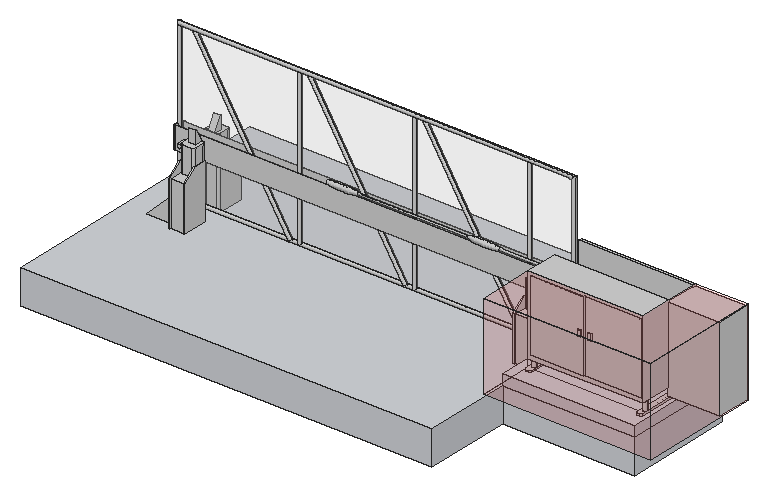
Revit family "Barrier_Gate-Assembly_AutoGate_Shield-M30-Shallow-Gated", category Generic Models, Revit 2015
Parameters (values of type "as Specified")
  lightcontrol [instance] = Clear Opening Width / 2  # 8' - 0"
  gateclear [instance] = 1' - 3"  # constant formula
  addwidthB = 0' - 0"  # constant formula
  addwidthA = 0' - 0"  # constant formula
  Warranty Duration (Years) = 0
  Warning Light Color [instance] = none
  Unit Width [instance] = Clear Opening Width + 1' 8" + 1' 9"  # 19' - 5"
  Unit Height [instance] = 8' - 0"
  Unit Depth = 0' - 4"
  URL = "http://autogate.com/"
  Standards Conformance = "ASTM F2656 M30/P1  ;  DOS K4/L3"
  Specification = "http://www.arcat.com/sdspecs/htm04/32_31_00saf.htm"
  SpecWizard = ""
  Space Below Gate [instance] = 0' - 3"
  Show Default Concrete Foundation [instance] = yes
  Show Clearance Box for Operator Maintenance [instance] = yes
  Shield Arm Color [instance] = Metal - Aluminum - Finish as Specified
  Send Message = ""
  Sales Information = "http://autogate.com/about-us/contact/"
  Revision = "R1_2016-11"
  Product Properties = ""
  Product Data = "http://www.arcat.com/arcatcos/cos48/arc48891.html"
  Model = "The Shield M30 Shallow Foundation with Gate Design as Specified"
  Maximum Clear Opening [instance] = 17' - 0"  # constant formula
  Mass Interior Design Shape Visible [instance] = yes
  Manufacturer Website = "http://autogate.com/"
  Manufacturer Phone - Toll Free = "800-944-4283"
  Manufacturer Phone = "419-588-2796"
  Manufacturer Fax = "419-588-3514"
  Manufacturer Address = "7306 Driver Rd.  P. O. Box 50  Berlin Heights, OH 44814"
  Manufacturer = "AutoGate, Inc"
  Maintenance Schedule (Months) = 0
  Lift Travel Speed = "7 - 14 seconds"
  Keynote = "32 21 00"
  Installation-Fabrication = ""
  Installation Phase = ""
  Include Warning Lights [instance] = yes
  Has Battery Backup = no
  Hardware Finish [instance] = Metal - Aluminum - Finish as Specified
  Green Building-LEED = ""
  Frame Finish [instance] = Metal - Aluminum - Finish as Specified
  Expected Lifespan (Years) = 0
  Electrical_Voltage = 115 V
  Drawn By = "Sumex Design, Inc. / Robert S. Weygant, CSI, CDT, SCIP"
  Description = "AutoGate M30 Anti-Ram Shallow Foundation Vertical Pivot Gate - The Shield with Gate Design as Specified"
  Default Elevation = 0' - 0"
  Cover Finish [instance] = Metal - Aluminum - Finish as Specified
  Copyright = "©Arcat Inc."
  Construction Details = "http://www.arcat.com/details/autogate/autogate.html?coid=48891"
  Clearance Material [instance] = ARCAT Clearance
  Clear Opening Width [instance] = 16' - 0"
  Bottom Rail Height [instance] = 0' - 2"  # constant formula
  Barrier Open [instance] = not(Barrier Closed)  # no
  Barrier Interior Material [instance] = Metal - Linked Aluminum - Finish as Specified
  Barrier Design [instance] = Barrier_Gate_AutoGate_Chainlink : Size as Specified
  Barrier Closed [instance] = yes
  Available Options [instance] = "as Specified"
  Assembly Code = "E1030900"
Reference planes (in)
  plane 1 "Center (Front/Back)": y = 0
  plane 2 "Bottom": z = 0
  plane 3 "Center (Left/Right)": x = 0
  plane 4: x = -96
  plane 5: x = 96
  plane 6: z = 15
  plane 7: x = 114
  plane 8: z = 36
  plane 9: z = 228
  plane 10: z = 248
  plane 11: z = 131.5
Forms (in)
  Extrusion 1, solid, visible <- "Show Default Concrete Foundation"
    sketch origin (0, 0, 0) x (1, 0, 0) y (0, 1, 0)
      loop
        line (105.5, -92) -> (105.5, -40) -> (182.75, -40) -> (182.75, 24) -> (105.5, 24) -> (105.5, 76) -> (-135.25, 76) -> (-135.25, -92) -> (105.5, -92)
    from 0 to -20
  Extrusion 2, solid, visible <- "Show Default Concrete Foundation"
    sketch origin (0, 0, 0) x (1, 0, 0) y (0, 1, 0)
      loop
        line (105.5, 24) -> (105.5, -40) -> (182.75, -40) -> (182.75, 24) -> (105.5, 24)
    from 0 to 6
  Extrusion 3, solid, material "Metal - Aluminum - Finish as Specified" <- "Hardware Finish"
    sketch origin (0, 0, 0) x (1, 0, 0) y (0, 1, 0)
      loop
        line (-98, -5) -> (-103.5, -5)
        arc (-103.5, -5) -> (-104.38388, -5.36612) -> (-104.75, -6.25) r 1.25
        line (-104.75, -6.25) -> (-104.75, -11.75)
        arc (-104.75, -11.75) -> (-104.38388, -12.63388) -> (-103.5, -13) r 1.25
        line (-103.5, -13) -> (-98, -13)
        arc (-98, -13) -> (-97.11612, -12.63388) -> (-96.75, -11.75) r 1.25
        line (-96.75, -11.75) -> (-96.75, -6.25)
        arc (-96.75, -6.25) -> (-97.11612, -5.36612) -> (-98, -5) r 1.25
      loop
        arc (-98, 5) -> (-97.11612, 5.36612) -> (-96.75, 6.25) r 1.25
        line (-96.75, 6.25) -> (-96.75, 11.75)
        arc (-96.75, 11.75) -> (-97.11612, 12.63388) -> (-98, 13) r 1.25
        line (-98, 13) -> (-103.5, 13)
        arc (-103.5, 13) -> (-104.38388, 12.63388) -> (-104.75, 11.75) r 1.25
        line (-104.75, 11.75) -> (-104.75, 6.25)
        arc (-104.75, 6.25) -> (-104.38388, 5.36612) -> (-103.5, 5) r 1.25
        line (-103.5, 5) -> (-98, 5)
      loop
        arc (98, -5) -> (97.11612, -5.36612) -> (96.75, -6.25) r 1.25
        line (96.75, -6.25) -> (96.75, -11.75)
        arc (96.75, -11.75) -> (97.11612, -12.63388) -> (98, -13) r 1.25
        line (98, -13) -> (103.5, -13)
        arc (103.5, -13) -> (104.38388, -12.63388) -> (104.75, -11.75) r 1.25
        line (104.75, -11.75) -> (104.75, -6.25)
        arc (104.75, -6.25) -> (104.38388, -5.36612) -> (103.5, -5) r 1.25
        line (103.5, -5) -> (98, -5)
      loop
        line (98, 5) -> (103.5, 5)
        arc (103.5, 5) -> (104.38388, 5.36612) -> (104.75, 6.25) r 1.25
        line (104.75, 6.25) -> (104.75, 11.75)
        arc (104.75, 11.75) -> (104.38388, 12.63388) -> (103.5, 13) r 1.25
        line (103.5, 13) -> (98, 13)
        arc (98, 13) -> (97.11612, 12.63388) -> (96.75, 11.75) r 1.25
        line (96.75, 11.75) -> (96.75, 6.25)
        arc (96.75, 6.25) -> (97.11612, 5.36612) -> (98, 5) r 1.25
    from 0 to 41
  Extrusion 4, solid, material "Metal - Aluminum - Finish as Specified" <- "Shield Arm Color", visible <- "Barrier Closed"
    sketch origin (0, 0, 0) x (1, 0, 0) y (0, 0, 1)
      loop
        line (-116, 42.5) -> (-116, 29.5) -> (118, 29.5) -> (118, 42.5) -> (-116, 42.5)
    from 2.5574 to 2.77886
  Extrusion 5, solid, material "Metal - Aluminum - Finish as Specified" <- "Shield Arm Color", visible <- "Barrier Closed"
    sketch origin (0, 0, 0) x (1, 0, 0) y (0, 0, -1)
      loop
        line (-116, -42.5) -> (118, -42.5) -> (118, -29.5) -> (-116, -29.5) -> (-116, -42.5)
    from 2.5574 to 2.77886
  Extrusion 6, solid, material "Metal - Aluminum - Finish as Specified" <- "Shield Arm Color", visible <- "Barrier Open"
    sketch origin (127.5, 0, 141.5) x (0, 0, -1) y (1, 0, 0)
      loop
        line (-106.75, 23.5) -> (-106.75, 9) -> (105.5, 9) -> (105.5, 23.5) -> (-106.75, 23.5)
    from 2.5574 to 2.77886
  Extrusion 7, solid, material "Metal - Aluminum - Finish as Specified" <- "Shield Arm Color", visible <- "Barrier Open"
    sketch origin (127.5, 0, 141.5) x (0, 0, -1) y (-1, 0, 0)
      loop
        line (-106.75, -23.5) -> (105.5, -23.5) -> (105.5, -9) -> (-106.75, -9) -> (-106.75, -23.5)
    from 2.5574 to 2.77886
  Extrusion 8, solid, material "Metal - Aluminum - Finish as Specified" <- "Shield Arm Color", visible <- "Barrier Closed"
    sketch origin (0, 0, 0) x (1, 0, 0) y (0, 0, 1)
      loop
        line (-117, 42.5) -> (-117, 29.5) -> (-116, 29.5) -> (-116, 42.5) -> (-117, 42.5)
    from -2.77886 to 2.77886
  Extrusion 9, solid, material "Metal - Aluminum - Finish as Specified" <- "Shield Arm Color", visible <- "Barrier Open"
    sketch origin (0, 0, 0) x (1, 0, 0) y (0, 0, 1)
      loop
        line (136.5, 248.25) -> (151, 248.25) -> (151, 249.25) -> (136.5, 249.25) -> (136.5, 248.25)
    from -2.77886 to 2.77886
  Extrusion 10, solid, material "Metal - Aluminum - Finish as Specified" <- "Hardware Finish"
    sketch origin (-96, -180, 63.31719) x (0, 0, 1) y (0, -1, 0)
      loop
        line (-22.31719, -175) -> (-14.81719, -171) -> (-22.31719, -171) -> (-22.31719, -175)
      loop
        line (-22.31719, -185) -> (-22.31719, -189) -> (-14.81719, -189) -> (-22.31719, -185)
    from -6.75 to -2.75
  Extrusion 11, solid, material "Metal - Aluminum - Finish as Specified" <- "Hardware Finish"
    sketch origin (-96, -180, 63.31719) x (0, 0, 1) y (0, -1, 0)
      loop
        line (-63.31719, -174) -> (-31.31719, -174) -> (-31.31719, -167) -> (-37.31719, -159.5) -> (-63.31719, -159.5) -> (-63.31719, -174)
    from 0 to -0.75
  Extrusion 12, solid, material "Metal - Aluminum - Finish as Specified" <- "Hardware Finish"
    sketch origin (-96, -180, 63.31719) x (0, 0, 1) y (0, -1, 0)
      loop
        line (-63.31719, -174) -> (-31.31719, -174) -> (-31.31719, -167) -> (-37.31719, -159.5) -> (-63.31719, -159.5) -> (-63.31719, -174)
    from -9.5 to -8.75
  Extrusion 13, solid, material "Metal - Aluminum - Finish as Specified" <- "Hardware Finish"
    sketch origin (-96, 180, 63.31719) x (0, 0, 1) y (0, -1, 0)
      loop
        line (-63.31719, 174) -> (-63.31719, 159.5) -> (-37.31719, 159.5) -> (-31.31719, 167) -> (-31.31719, 174) -> (-63.31719, 174)
    from 0 to -0.75
  Extrusion 14, solid, material "Metal - Aluminum - Finish as Specified" <- "Hardware Finish"
    sketch origin (-96, 180, 63.31719) x (0, 0, 1) y (0, -1, 0)
      loop
        line (-63.31719, 174) -> (-63.31719, 159.5) -> (-37.31719, 159.5) -> (-31.31719, 167) -> (-31.31719, 174) -> (-63.31719, 174)
    from -9.5 to -8.75
  Extrusion 15, solid, material "Metal - Aluminum - Finish as Specified" <- "Hardware Finish"
    sketch origin (0, 0, 0) x (1, 0, 0) y (0, 1, 0)
      loop
        line (-104.75, -11.75) -> (-104.75, -20.25) -> (-96.75, -20.25) -> (-96.75, -11.75) -> (-104.75, -11.75)
      loop
        line (-104.75, 11.75) -> (-96.75, 11.75) -> (-96.75, 20.25) -> (-104.75, 20.25) -> (-104.75, 11.75)
      loop
        line (104.75, -11.75) -> (96.75, -11.75) -> (96.75, -20.25) -> (104.75, -20.25) -> (104.75, -11.75)
      loop
        line (104.75, 11.75) -> (104.75, 20.25) -> (96.75, 20.25) -> (96.75, 11.75) -> (104.75, 11.75)
    from 0 to 25.96348
  Extrusion 16, solid, material "Metal - Aluminum - Finish as Specified" <- "Hardware Finish"
    sketch origin (96, -180, 63.31719) x (0, 0, 1) y (0, -1, 0)
      loop
        line (-63.31719, -174) -> (-31.31719, -174) -> (-31.31719, -167) -> (-37.31719, -159.5) -> (-63.31719, -159.5) -> (-63.31719, -174)
    from 0 to 0.75
  Extrusion 17, solid, material "Metal - Aluminum - Finish as Specified" <- "Hardware Finish"
    sketch origin (96, -180, 63.31719) x (0, 0, 1) y (0, -1, 0)
      loop
        line (-63.31719, -174) -> (-31.31719, -174) -> (-31.31719, -167) -> (-37.31719, -159.5) -> (-63.31719, -159.5) -> (-63.31719, -174)
    from 9.5 to 8.75
  Extrusion 18, solid, material "Metal - Aluminum - Finish as Specified" <- "Hardware Finish"
    sketch origin (96, -180, 63.31719) x (0, 0, 1) y (0, -1, 0)
      loop
        line (-63.31719, -186) -> (-63.31719, -200.5) -> (-37.31719, -200.5) -> (-31.31719, -193) -> (-31.31719, -186) -> (-63.31719, -186)
    from 0 to 0.75
  Extrusion 19, solid, material "Metal - Aluminum - Finish as Specified" <- "Hardware Finish"
    sketch origin (96, -180, 63.31719) x (0, 0, 1) y (0, -1, 0)
      loop
        line (-63.31719, -186) -> (-63.31719, -200.5) -> (-37.31719, -200.5) -> (-31.31719, -193) -> (-31.31719, -186) -> (-63.31719, -186)
    from 9.5 to 8.75
  Extrusion 20, solid, material "Metal - Aluminum - Finish as Specified" <- "Hardware Finish"
    sketch origin (0, 0, 0) x (1, 0, 0) y (0, 0, 1)
      loop
        line (-105.5, 0) -> (-105.5, 16.25) -> (-121.75, 0) -> (-105.5, 0)
      loop
        line (105.5, 0) -> (121.75, 0) -> (105.5, 16.25) -> (105.5, 0)
    from -16.5 to -16
  Extrusion 21, solid, material "Metal - Aluminum - Finish as Specified" <- "Hardware Finish"
    sketch origin (0, 0, 0) x (1, 0, 0) y (0, 0, -1)
      loop
        line (-105.5, 0) -> (-121.75, 0) -> (-105.5, -16.25) -> (-105.5, 0)
      loop
        line (105.5, 0) -> (105.5, -9) -> (114.5, 0) -> (105.5, 0)
    from -16.5 to -16
  Extrusion 22, solid, material "Metal - Aluminum - Finish as Specified" <- "Shield Arm Color"
    sketch origin (0, 0, 0) x (1, 0, 0) y (0, 0, 1)
      loop
        circle (-109.67377, 35.8693) r 1.25
      loop
        circle (106.57623, 35.8693) r 1.25
    from -7.49896 to 7.5
Cuts and joins
  joined: Extrusion 3, Extrusion 11, Extrusion 12, Extrusion 13, Extrusion 14, Extrusion 15, Extrusion 16, Extrusion 17, Extrusion 18, Extrusion 19, Extrusion 20, Extrusion 21
Lines and regions (in)
  reference lines
    curve 1: line (114, 0, 15) -> (114, 0, 24.25)
Dimensions and locks (in)
  equal spacing: plane 5, plane 3 "Center (Left/Right)", plane 4
  "Clear Opening Width": plane 5 to plane 4
  plane 7 to plane 5 = 1' - 6"
  locked: plane 6 to level at 15
  locked: plane 8 to plane 6 at 21
  "Clear Opening Width": plane 9 to plane 8
  plane 5 to Extrusion 2 sketch curve to Extrusion 2 sketch curve = 0' - 9 1/2" locked, 6' - 5 1/4" locked
  locked: plane 4 to Extrusion 4 sketch curve at 20
  locked: plane 4 to Extrusion 5 sketch curve at 20
  locked: Extrusion 4 sketch curve to plane 5 at 22
  locked: Extrusion 5 sketch curve to plane 5 at 22
  locked: Extrusion 4 sketch curve to level at 29.5
  locked: Extrusion 4 sketch curve to Extrusion 4 sketch curve at 13
  Extrusion 5 sketch curve to Extrusion 5 sketch curve to level = 1' - 1" locked, 2' - 5 1/2" locked
  locked: Extrusion 6 sketch curve to plane 9 at 20.25
  locked: Extrusion 7 sketch curve to plane 9 at 20.25
  plane 4 to Extrusion 8 sketch curve to Extrusion 8 sketch curve = 1' - 8" locked, 0' - 1" locked
  Extrusion 8 sketch curve to Extrusion 8 sketch curve to plane 2 "Bottom" = 1' - 1" locked, 2' - 5 1/2" locked
  Extrusion 9 sketch curve to Extrusion 9 sketch curve to nested 3 = 1' - 2 1/2" locked, 2' - 4 1/2" locked
  Extrusion 9 sketch curve to Extrusion 9 sketch curve to plane 9 = 0' - 1" locked, 1' - 8 1/4" locked
  Extrusion 6 sketch curve to Extrusion 6 sketch curve to plane 5 = 1' - 2 1/2" locked, 3' - 4 1/2" locked
  Extrusion 7 sketch curve to Extrusion 7 sketch curve to plane 5 = 1' - 2 1/2" locked, 3' - 4 1/2" locked
  Extrusion 11 sketch curve to Extrusion 11 sketch curve to plane 2 "Bottom" to Extrusion 11 sketch curve = 0' - 6" locked, 2' - 2" locked, 0' - 0" locked
  Extrusion 12 sketch curve to Extrusion 12 sketch curve to plane 2 "Bottom" to Extrusion 12 sketch curve = 0' - 6" locked, 2' - 2" locked, 0' - 0" locked
  Extrusion 13 sketch curve to Extrusion 13 sketch curve to plane 2 "Bottom" to Extrusion 13 sketch curve = 0' - 6" locked, 2' - 2" locked, 0' - 0" locked
  Extrusion 14 sketch curve to Extrusion 14 sketch curve to plane 2 "Bottom" to Extrusion 14 sketch curve = 0' - 6" locked, 2' - 2" locked, 0' - 0" locked
  Extrusion 3 sketch curve to Extrusion 3 sketch curve to plane 1 "Center (Front/Back)" to Extrusion 3 sketch curve to Extrusion 3 sketch curve = 0' - 8" locked, 0' - 5" locked, 0' - 5" locked, 0' - 8" locked  (x2)
  Extrusion 16 sketch curve to Extrusion 16 sketch curve to Extrusion 16 sketch curve = 0' - 6" locked, 2' - 2"
  Extrusion 17 sketch curve to Extrusion 17 sketch curve to Extrusion 17 sketch curve = 0' - 6" locked, 2' - 2"
  Extrusion 18 sketch curve to Extrusion 18 sketch curve to Extrusion 18 sketch curve = 0' - 6" locked, 2' - 2"
  Extrusion 19 sketch curve to Extrusion 19 sketch curve to Extrusion 19 sketch curve = 0' - 6" locked, 2' - 2"
  locked: plane 2 "Bottom" to Extrusion 17 sketch curve at 0
  locked: plane 2 "Bottom" to Extrusion 16 sketch curve at 0
  locked: plane 2 "Bottom" to Extrusion 19 sketch curve at 0
  locked: plane 2 "Bottom" to Extrusion 18 sketch curve at 0
  locked: Extrusion 1 sketch curve to plane 4 at 39.25
  Extrusion 1 sketch curve to plane 1 "Center (Front/Back)" to Extrusion 1 sketch curve = 7' - 8" locked, 6' - 4" locked
  locked: plane 5 to Extrusion 1 sketch curve at 86.75
  locked: plane 5 to Extrusion 1 sketch curve at 9.5  (x2)
  Extrusion 1 sketch curve to plane 1 "Center (Front/Back)" to Extrusion 1 sketch curve = 3' - 4" locked, 2' - 0" locked
  plane 4 to Extrusion 20 sketch curve to Extrusion 20 sketch curve = 0' - 9 1/2" locked, 1' - 4 1/4" locked
  Extrusion 20 sketch curve to Extrusion 20 sketch curve to plane 5 = 1' - 4 1/4" locked, 0' - 9 1/2" locked
  locked: Extrusion 21 sketch curve to Extrusion 21 sketch curve at 16.25
  locked: Extrusion 21 sketch curve to Extrusion 21 sketch curve at 9
  locked: nested 3 to plane 5 at 12
  equal spacing: plane 10, plane 11, plane 6
  "Unit Width": plane 10 to plane 6
  aligned and locked: plane 7 to curve 1
  aligned and locked: plane 6 to curve 1
  aligned and locked: plane 8 to Extrusion 6 sketch curve
  aligned and locked: Extrusion 7 sketch curve to plane 8
  aligned and locked: plane 5 to nested 1
  aligned and locked: plane 3 "Center (Left/Right)" to nested 2
  aligned and locked: nested 3 to plane 11
Automatic sketch dimensions
  curve 1 to curve 1 = 0' - 9 1/4"
  plane 1 "Center (Front/Back)" to Extrusion 2 sketch curve = 3' - 4"
  Extrusion 2 sketch curve to plane 1 "Center (Front/Back)" = 2' - 0"
  Extrusion 3 sketch curve to plane 4 = 0' - 8 3/4"  (x2)
  Extrusion 3 sketch curve to Extrusion 3 sketch curve = 0' - 1 1/4"  (x10)
  Extrusion 3 sketch curve to plane 4 = 0' - 2"  (x4)
  Extrusion 3 sketch curve to plane 4 = 0' - 0 3/4"  (x2)
  plane 5 to Extrusion 3 sketch curve = 0' - 0 3/4"  (x2)
  Extrusion 3 sketch curve to Extrusion 3 sketch curve = 0' - 5 1/2"  (x2)
  Extrusion 3 sketch curve to Extrusion 3 sketch curve = 0' - 0"  (x2)
  plane 1 "Center (Front/Back)" to Extrusion 11 sketch curve = 0' - 6"
  Extrusion 11 sketch curve to Extrusion 11 sketch curve = 0' - 7"
  Extrusion 11 sketch curve to Extrusion 11 sketch curve = 1' - 2 1/2"
  plane 1 "Center (Front/Back)" to Extrusion 12 sketch curve = 0' - 6"
  Extrusion 12 sketch curve to Extrusion 12 sketch curve = 0' - 7"
  Extrusion 12 sketch curve to Extrusion 12 sketch curve = 1' - 2 1/2"
  Extrusion 13 sketch curve to plane 1 "Center (Front/Back)" = 1' - 8 1/2"
  Extrusion 13 sketch curve to Extrusion 13 sketch curve = 0' - 7 1/2"
  Extrusion 13 sketch curve to plane 1 "Center (Front/Back)" = 0' - 6"
  Extrusion 14 sketch curve to plane 1 "Center (Front/Back)" = 1' - 8 1/2"
  Extrusion 14 sketch curve to Extrusion 14 sketch curve = 0' - 7 1/2"
  Extrusion 14 sketch curve to plane 1 "Center (Front/Back)" = 0' - 6"
  Extrusion 15 sketch curve to plane 4 = 0' - 8 3/4"  (x2)
  Extrusion 15 sketch curve to plane 4 = 0' - 0 3/4"  (x2)
  plane 5 to Extrusion 15 sketch curve = 0' - 0 3/4"  (x2)
  Extrusion 15 sketch curve to Extrusion 15 sketch curve = 0' - 8"  (x2)
  plane 1 "Center (Front/Back)" to Extrusion 15 sketch curve = 1' - 8 1/4"  (x2)
  Extrusion 15 sketch curve to Extrusion 15 sketch curve = 0' - 8 1/2"  (x4)
  Extrusion 15 sketch curve to plane 1 "Center (Front/Back)" = 0' - 11 3/4"  (x2)
  plane 1 "Center (Front/Back)" to Extrusion 16 sketch curve = 0' - 6"
  Extrusion 16 sketch curve to Extrusion 16 sketch curve = 0' - 7"
  Extrusion 16 sketch curve to Extrusion 16 sketch curve = 1' - 2 1/2"
  plane 1 "Center (Front/Back)" to Extrusion 17 sketch curve = 0' - 6"
  Extrusion 17 sketch curve to Extrusion 17 sketch curve = 0' - 7"
  Extrusion 17 sketch curve to Extrusion 17 sketch curve = 1' - 2 1/2"
  Extrusion 18 sketch curve to plane 1 "Center (Front/Back)" = 1' - 8 1/2"
  Extrusion 18 sketch curve to Extrusion 18 sketch curve = 0' - 7 1/2"
  Extrusion 18 sketch curve to plane 1 "Center (Front/Back)" = 0' - 6"
  Extrusion 19 sketch curve to plane 1 "Center (Front/Back)" = 1' - 8 1/2"
  Extrusion 19 sketch curve to Extrusion 19 sketch curve = 0' - 7 1/2"
  Extrusion 19 sketch curve to plane 1 "Center (Front/Back)" = 0' - 6"
  Extrusion 20 sketch curve to level = 0' - 0"  (x2)
  plane 6 to Extrusion 20 sketch curve = 0' - 1 1/4"  (x2)
  Extrusion 21 sketch curve to level = 0' - 0"  (x2)
  Extrusion 21 sketch curve to plane 4 = 2' - 1 3/4"
  Extrusion 21 sketch curve to plane 7 = 0' - 8 1/2"
  Extrusion 21 sketch curve to plane 6 = 0' - 6"
  plane 6 to Extrusion 21 sketch curve = 0' - 1 1/4"
  Extrusion 22 sketch curve to plane 8 = 0' - 0.1307"  (x2)
  Extrusion 22 sketch curve to plane 4 = 1' - 1.67377"
  Extrusion 22 sketch curve to plane 7 = 0' - 7.42377"
  plane 8 to Extrusion 10 sketch curve = 0' - 5"  (x2)
  Extrusion 10 sketch curve to Extrusion 10 sketch curve = 0' - 7 1/2"  (x2)
  Extrusion 10 sketch curve to Extrusion 10 sketch curve = 0' - 4"  (x2)
  plane 1 "Center (Front/Back)" to Extrusion 10 sketch curve = 0' - 5"
  Extrusion 10 sketch curve to plane 1 "Center (Front/Back)" = 0' - 5"
  radius of Extrusion 22 sketch curve = 0' - 1 1/4"  (x2)
Nested families (in)
  nested 1: "Barrier_Gate-Operator_AutoGate_Pivot" at (177, 0, 6), Clearance Box Material <- "Clearance Material", Frame Finish <- "Cover Finish", Space Below Gate <- "Space Below Gate", Clearance Box for Maintenance <- "Show Clearance Box for Operator Maintenance", Closed <- "Barrier Closed", Open <- "Barrier Open", Clear Location <- "gateclear", Warning Light <- "Include Warning Lights", lightcontrol <- "lightcontrol", Gate Height <- "Unit Height", Warning Light Color <- "Warning Light Color", type "as Specified"
    with warningopen no, warningclosed yes, lightcontrol 8' - 0", Warning Light Color none, Warning Light yes, Space Below Gate 0' - 3", Open no, Guard Depth 2' - 6 5/8", Gate Height 8' - 0", Frame Finish Metal - Aluminum - Finish as Specified, Closed yes, Clearance Box for Maintenance yes, Clearance Box Material ARCAT Clearance, Clear Location 1' - 3", ArmOnly no, Unit Width 19' - 5"
  nested 2: "Barrier_Gate_AutoGate_Chainlink" at (0, 0, 0), Interior Finish <- "Barrier Interior Material", Frame Finish <- "Frame Finish", Unit Width <- "Unit Width", Unit Height <- "Unit Height", Mass Interior Design Shape Visible <- "Mass Interior Design Shape Visible", type <- "Barrier Design", visible <- "Barrier Closed", Additional Barrier Width_Operator Side <- "addwidthA", Additional Barrier Width_Non Operator Side <- "addwidthB", type "Size as Specified"
    with designwidths 5' - 7.33333", designheights 7' - 10 1/2", Unit Width 19' - 5", Unit Height 8' - 0", Space Below Gate 0' - 3", Mass Interior Design Shape Visible yes, Interior Finish Metal - Linked Aluminum - Finish as Specified, Frame Finish Metal - Aluminum - Finish as Specified, Bottom Rail Height 0' - 2", Adjust Diagonal UpDown 0' - 0", Adjust Diagonal Left Right 0' - 6", Additional Barrier Width_Operator Side 0' - 0", Additional Barrier Width_Non Operator Side 0' - 0"
  nested 3: "Barrier_Gate_AutoGate_Chainlink" at (108, 0, 131.5) x (0, 0, -1) z (1, 0, 0), Interior Finish <- "Barrier Interior Material", Frame Finish <- "Frame Finish", Unit Width <- "Unit Width", Unit Height <- "Unit Height", Mass Interior Design Shape Visible <- "Mass Interior Design Shape Visible", type <- "Barrier Design", visible <- "Barrier Open", Additional Barrier Width_Operator Side <- "addwidthA", Additional Barrier Width_Non Operator Side <- "addwidthB", type "Size as Specified"
    with designwidths 5' - 7.33333", designheights 7' - 10 1/2", Unit Width 19' - 5", Unit Height 8' - 0", Space Below Gate 0' - 3", Mass Interior Design Shape Visible yes, Interior Finish Metal - Linked Aluminum - Finish as Specified, Frame Finish Metal - Aluminum - Finish as Specified, Bottom Rail Height 0' - 2", Adjust Diagonal UpDown 0' - 0", Adjust Diagonal Left Right 0' - 6", Additional Barrier Width_Operator Side 0' - 0", Additional Barrier Width_Non Operator Side 0' - 0"
Connectors (in)
  electrical at (183.51817, 10, 31.5), driven by "Electrical_Voltage"
    settings: on nested 1, index 1, voltage 115 V, apparent load 0 VA, apparent load phase1 0 VA, apparent load phase2 0 VA, apparent load phase3 0 VA, power factor 1, load classification "Other", number of poles 1, system type 31, power factor state 1, is connector primary yes, connector utility no, sub classification motor no, connector description ""
Definition of nested family "Barrier_Gate-Operator_AutoGate_Pivot"
  Parameters
    warningopen [instance] = and(Warning Light, Open)  # yes
    warningclosed [instance] = and(Warning Light, Closed)  # yes
    lightcontrol [instance] = 1' - 11.71607"
    Warranty Duration (Years) = 0
    Warning Light Color [instance] = none
    Warning Light [instance] = yes
    Unit Width = 11' - 0"
    Unit Depth = 2' - 4"
    URL = ""
    Specification = ""
    SpecWizard = ""
    Space Below Gate [instance] = 0' - 3"
    Send Message = ""
    Sales Information = ""
    Revision = "R1_2016-11"
    Product Properties = ""
    Product Data = ""
    Open [instance] = yes
    Model = "As Specified"
    Manufacturer Website = ""
    Manufacturer Phone - Toll Free = ""
    Manufacturer Phone = ""
    Manufacturer Fax = ""
    Manufacturer Address = ""
    Manufacturer = ""
    Maintenance Schedule (Months) = 0
    Keynote = ""
    Installation-Fabrication = ""
    Installation Phase = ""
    Guard Depth [instance] = if(ArmOnly, 0' 3 1/2", if(Gate Height < 6' 0", 0' 2 1/2", if(Gate Height < 7' 0", 0' 5 1/2", if(Gate Height < 8' 0", 1' 6 5/8", if(Gate Height < 9' 0", 2' 6 5/8", if(Gate Height < 10' 0", 3' 6 5/8", 0' 3 1/2"))))))  # 0' - 3 1/2"
    Green Building-LEED = ""
    Gate Height [instance] = 4' - 2"
    Frame Finish [instance] = none
    Expected Lifespan (Years) = 0
    Drawn By = "Sumex Design, Inc. / Robert S. Weygant, CSI, CDT, SCIP"
    Description = ""
    Default Elevation = 0' - 0"
    Copyright = "©Arcat Inc."
    Construction Details = ""
    Closed [instance] = yes
    Clearance Box for Maintenance [instance] = yes
    Clearance Box Material [instance] = none
    Clear Location [instance] = 1' - 0"
    Assembly Code = ""
    ArmOnly [instance] = yes
  Reference planes (in)
    plane 1 "Center (Front/Back)": y = 0
    plane 2 "Bottom": z = 0
    plane 3 "Center (Left/Right)": x = 0
    plane 4: x = -78
    plane 5: x = -66
    plane 6: x = -198
    plane 7: z = 7
    plane 8: z = 139
    plane 9: x = 1
  Forms (in)
    Extrusion 1, solid, material <- "Frame Finish"
      sketch origin (0, 0, 0) x (1, 0, 0) y (0, 0, 1)
        loop
          line (-66, 5.0625) -> (1, 5.0625) -> (1, 50.6875) -> (-66, 50.6875) -> (-66, 5.0625)
      from 8.75 to 28.25
    Extrusion 2, solid, material <- "Frame Finish"
      sketch origin (0, 0, 0) x (1, 0, 0) y (0, 0, -1)
        loop
          line (-66, -5.0625) -> (-66, -50.6875) -> (1, -50.6875) -> (1, -5.0625) -> (-66, -5.0625)
      from 8.8125 to 10.8125
    Extrusion 3, solid, material <- "Frame Finish"
      sketch origin (0, 0, 0) x (1, 0, 0) y (0, 0, 1)
        loop
          line (4.5, 50) -> (1, 50) -> (1, 1) -> (4.5, 1) -> (4.5, 50)
      from -10 to 10
    Extrusion 4, solid, material <- "Frame Finish"
      sketch origin (0, 0, 0) x (1, 0, 0) y (0, 0, 1)
        loop
          line (-66, 5.0625) -> (1, 5.0625) -> (1, 7) -> (-66, 7) -> (-66, 5.0625)
      from -10 to 10
    Extrusion 5, solid, material <- "Frame Finish"
      sketch origin (0, -28.25, 0) x (1, 0, 0) y (0, 0, 1)
        loop
          line (-64, 7.8125) -> (-33, 7.8125) -> (-33, 49.1875) -> (-64, 49.1875) -> (-64, 7.8125)
        loop
          line (-32, 7.8125) -> (0.5, 7.8125) -> (0.5, 49.1875) -> (-32, 49.1875) -> (-32, 7.8125)
      from 0.28125 to 0
    Extrusion 6, solid, material <- "Frame Finish"
      sketch origin (0, -28.53125, 0) x (1, 0, 0) y (0, 0, 1)
        loop
          line (-36.49692, 31.23717) -> (-36.49692, 27.48717) -> (-34.74692, 27.48717) -> (-34.74692, 31.23717) -> (-36.49692, 31.23717)
        loop
          line (-30.49692, 31.23717) -> (-30.49692, 27.48717) -> (-28.74692, 27.48717) -> (-28.74692, 31.23717) -> (-30.49692, 31.23717)
      from 0.25 to 0
    Extrusion 7, solid, material <- "Clearance Box Material", visible <- "Clearance Box for Maintenance"
      sketch origin (0, 0, 0) x (1, 0, 0) y (0, 1, 0)
        loop
          line (-66, -28.25) -> (-66, -60.75) -> (4.5, -60.75) -> (4.5, 10.8125) -> (1, 10.8125) -> (1, -28.25) -> (-66, -28.25)
      from 0 to 50.6875
    Extrusion 8, solid, material <- "Frame Finish"
      sketch origin (0, 0, 0) x (1, 0, 0) y (0, 1, 0)
        loop
          line (-65.25, -31) -> (-63.25, -31) -> (-62.5, -30.25) -> (-62.5, 11.5) -> (-66, 11.5) -> (-66, -30.25) -> (-65.25, -31)
        loop
          line (-0.25, -31) -> (1.75, -31) -> (2.5, -30.25) -> (2.5, 11.5) -> (-1, 11.5) -> (-1, -30.25) -> (-0.25, -31)
      from 0 to 0.75
    Extrusion 9, solid, material <- "Frame Finish"
      sketch origin (0, 0, 0) x (1, 0, 0) y (0, 1, 0)
        loop
          circle (-64.26725, -25.91368) r 1.25
        loop
          circle (-64.26725, 8.33632) r 1.25
        loop
          circle (0.73275, -25.91368) r 1.25
        loop
          circle (0.73275, 8.33632) r 1.25
      from 0.75 to 5.0625
    Revolve 10, solid, material <- "Frame Finish", visible <- "warningclosed"
      sketch origin (-0.08672, -4, -0.03478) x (1, 0, 0) y (0, 0, 1)
        loop
          line (-66, 39.03478) -> (-66, 39.60506) -> (-101.90625, 39.60506)
          spline (-101.90625, 39.60506) -> (-102.21292, 39.86388) -> (-103.11202, 40.10506) -> (-104.54229, 40.31217) -> (-106.40625, 40.47109) -> (-108.57688, 40.57099) -> (-110.90625, 40.60506) -> (-113.23562, 40.57099) -> (-115.40625, 40.47109) -> (-117.27021, 40.31217) -> (-118.70048, 40.10506) -> (-119.59958, 39.86388) -> (-119.90625, 39.60506)
          line (-119.90625, 39.60506) -> (-156.19721, 39.60506)
          spline (-156.19721, 39.60506) -> (-156.50388, 39.86388) -> (-157.40298, 40.10506) -> (-158.83325, 40.31217) -> (-160.69721, 40.47109) -> (-162.86784, 40.57099) -> (-165.19721, 40.60506) -> (-167.52658, 40.57099) -> (-169.69721, 40.47109) -> (-171.56117, 40.31217) -> (-172.99144, 40.10506) -> (-173.89054, 39.86388) -> (-174.19721, 39.60506)
          line (-174.19721, 39.60506) -> (-174.19721, 39.03478) -> (-66, 39.03478)
        axis (-66, 39.03478) -> (-174.19721, 39.03478)
      angle from 0 to 360
    Revolve 11, solid, material <- "Frame Finish", visible <- "warningopen"
      sketch origin (-81.89367, -4, -31.72348) x (0, 0, -1) y (1, 0, 0)
        loop
          line (-38.75, 48.89367) -> (-38.75, 49.39367) -> (-74.75, 49.39367)
          spline (-74.75, 49.39367) -> (-75.05667, 49.65249) -> (-75.95577, 49.89367) -> (-77.38604, 50.10078) -> (-79.25, 50.25969) -> (-81.42063, 50.35959) -> (-83.75, 50.39367) -> (-86.07937, 50.35959) -> (-88.25, 50.25969) -> (-90.11396, 50.10078) -> (-91.54423, 49.89367) -> (-92.44333, 49.65249) -> (-92.75, 49.39367)
          line (-92.75, 49.39367) -> (-129.00741, 49.39367)
          spline (-129.00741, 49.39367) -> (-129.31408, 49.65249) -> (-130.21319, 49.89367) -> (-131.64345, 50.10078) -> (-133.50741, 50.25969) -> (-135.67804, 50.35959) -> (-138.00741, 50.39367) -> (-140.33679, 50.35959) -> (-142.50741, 50.25969) -> (-144.37138, 50.10078) -> (-145.80164, 49.89367) -> (-146.70075, 49.65249) -> (-147.00741, 49.39367)
          line (-147.00741, 49.39367) -> (-147.00741, 48.89367) -> (-38.75, 48.89367)
        axis (-38.75, 48.89367) -> (-147.00741, 48.89367)
      angle from 0 to 360
  Cuts and joins
    joined: Extrusion 1, Extrusion 2, Extrusion 4
  Dimensions and locks (in)
    locked: plane 3 "Center (Left/Right)" to plane 5 at 66
    "Clear Location": plane 4 to plane 5
    locked: Revolve 10 sketch curve to Revolve 10 sketch curve at 18  (x2)
    locked: Revolve 11 sketch curve to Revolve 11 sketch curve at 18  (x2)
    "Unit Width": plane 6 to plane 5
    locked: plane 7 to level at 7
    "Unit Width": plane 8 to plane 7
    locked: plane 9 to plane 3 "Center (Left/Right)" at 1
    "lightcontrol": plane 8 to Revolve 11 sketch curve
    locked: Revolve 11 sketch curve to plane 7 at 36.02652
    locked: plane 5 to Revolve 11 sketch curve at 33
    "lightcontrol": Revolve 10 sketch curve to plane 6
    locked: Revolve 10 sketch curve to plane 5 at 35.99297
    locked: Revolve 10 sketch curve to level at 39
    "Guard Depth": Extrusion 3 sketch curve to plane 9
    "Guard Depth": plane 9 to Extrusion 7 sketch curve
  Automatic sketch dimensions
    plane 3 "Center (Left/Right)" to Extrusion 3 sketch curve = 0' - 1"
    level to Extrusion 3 sketch curve = 0' - 1"
    Extrusion 6 sketch curve to Extrusion 5 = 2' - 3.50308"
    Extrusion 6 sketch curve to Extrusion 6 sketch curve = 0' - 1 3/4"  (x2)
    Extrusion 6 sketch curve to Extrusion 5 = 0' - 1.50308"
    Extrusion 6 sketch curve to Extrusion 5 = 1' - 9.70033"  (x2)
    Extrusion 6 sketch curve to Extrusion 6 sketch curve = 0' - 3 3/4"  (x2)
    level to Extrusion 2 sketch curve = 0' - 5 1/16"
    Extrusion 2 sketch curve to plane 3 "Center (Left/Right)" = 5' - 6"
    plane 3 "Center (Left/Right)" to Extrusion 2 sketch curve = 0' - 1"
    Extrusion 5 sketch curve to Extrusion 1 = 0' - 2"
    Extrusion 5 sketch curve to Extrusion 1 = 0' - 2 3/4"
    Extrusion 5 sketch curve to Extrusion 5 sketch curve = 2' - 7"
    Extrusion 5 sketch curve to Extrusion 5 sketch curve = 0' - 1"
    Extrusion 5 sketch curve to Extrusion 1 = 0' - 0 1/2"
    Extrusion 5 sketch curve to Extrusion 5 sketch curve = 0' - 0"  (x2)
    Extrusion 5 sketch curve to Extrusion 1 = 0' - 1 1/2"
    Extrusion 7 sketch curve to plane 3 "Center (Left/Right)" = 5' - 6"
    plane 3 "Center (Left/Right)" to Extrusion 7 sketch curve = 0' - 1"
    plane 1 "Center (Front/Back)" to Extrusion 7 sketch curve = 5' - 0 3/4"
    plane 1 "Center (Front/Back)" to Extrusion 7 sketch curve = 2' - 4 1/4"
    Extrusion 7 sketch curve to plane 1 "Center (Front/Back)" = 0' - 10 13/16"
    Extrusion 8 sketch curve to plane 1 "Center (Front/Back)" = 0' - 11 1/2"  (x2)
    Extrusion 8 sketch curve to plane 3 "Center (Left/Right)" = 5' - 6"
    plane 1 "Center (Front/Back)" to Extrusion 8 sketch curve = 2' - 7"  (x2)
    Extrusion 8 sketch curve to Extrusion 8 sketch curve = 0' - 0 3/4"  (x5)
    Extrusion 8 sketch curve to Extrusion 8 sketch curve = 0' - 2"
    Extrusion 8 sketch curve to Extrusion 8 sketch curve = 0' - 3 1/2"
    Extrusion 8 sketch curve to plane 3 "Center (Left/Right)" = 0' - 1"
    Extrusion 8 sketch curve to plane 3 "Center (Left/Right)" = 0' - 0 1/4"
    plane 3 "Center (Left/Right)" to Extrusion 8 sketch curve = 0' - 1 3/4"
    plane 3 "Center (Left/Right)" to Extrusion 8 sketch curve = 0' - 2 1/2"
    Extrusion 1 sketch curve to plane 3 "Center (Left/Right)" = 5' - 6"
    plane 3 "Center (Left/Right)" to Extrusion 1 sketch curve = 0' - 1"
    Extrusion 1 sketch curve to Extrusion 1 sketch curve = 3' - 9 5/8"
    Extrusion 4 sketch curve to plane 3 "Center (Left/Right)" = 5' - 6"
    plane 3 "Center (Left/Right)" to Extrusion 4 sketch curve = 0' - 1"
    Extrusion 4 sketch curve to Extrusion 4 sketch curve = 0' - 1 15/16"
    Extrusion 9 sketch curve to plane 1 "Center (Front/Back)" = 0' - 8.33632"  (x2)
    Extrusion 9 sketch curve to plane 3 "Center (Left/Right)" = 5' - 4.26725"
    Extrusion 9 sketch curve to Extrusion 9 sketch curve = 0' - 0"
    plane 3 "Center (Left/Right)" to Extrusion 9 sketch curve = 0' - 0.73275"  (x2)
    plane 1 "Center (Front/Back)" to Extrusion 9 sketch curve = 2' - 1.91368"  (x2)
    level to Extrusion 1 sketch curve = 0' - 5 1/16"
    Extrusion 2 sketch curve to Extrusion 2 sketch curve = 3' - 9 5/8"
    Extrusion 3 sketch curve to Extrusion 3 sketch curve = 4' - 1"
    level to Extrusion 4 sketch curve = 0' - 5 1/16"
    plane 5 to Revolve 10 sketch curve = 0' - 0.08672"
    Revolve 10 sketch curve to Revolve 10 sketch curve = 0' - 0"  (x2)
    plane 7 to Revolve 10 sketch curve = 2' - 8.57028"
    Revolve 10 sketch curve to plane 6 = 1' - 4.40544"
    plane 7 to Revolve 11 sketch curve = 0' - 0.02652"
    Revolve 11 sketch curve to Revolve 11 sketch curve = 0' - 0"  (x2)
    Revolve 11 sketch curve to plane 3 "Center (Left/Right)" = 2' - 8 1/2"
    Revolve 11 sketch curve to Revolve 11 sketch curve = 0' - 3"
    radius of Extrusion 9 sketch curve = 0' - 1 1/4"  (x4)
Definition of nested family "Barrier_Gate_AutoGate_Chainlink"
  Parameters
    designwidths [instance] = (Unit Width + Additional Barrier Width_Operator Side - 0' 4" - 2' 3") / (Number of Inner Design Repeats)  # 4' - 6.66667"
    designheights [instance] = Unit Height - 0' 1 1/2"  # 4' - 10 1/2"
    Warranty Duration (Years) = 0
    Unit Width [instance] = 16' - 0"
    Unit Height [instance] = 5' - 0"
    URL = "http://autogate.com/"
    Specification = "http://www.arcat.com/sdspecs/htm04/32_31_00saf.htm"
    SpecWizard = ""
    Space Below Gate [instance] = 0' - 3"
    Send Message = ""
    Sales Information = "http://autogate.com/about-us/contact/"
    Revision = "R1_2016-11"
    Product Properties = ""
    Product Data = "http://www.arcat.com/arcatcos/cos48/arc48891.html"
    Number of Inner Design Repeats = 3
    Model = "Chain Link"
    Maximum Size = "as Specified"
    Mass Interior Design Shape Visible [instance] = yes
    Manufacturer Website = "http://autogate.com/"
    Manufacturer Phone - Toll Free = "800-944-4283"
    Manufacturer Phone = "419-588-2796"
    Manufacturer Fax = "419-588-3514"
    Manufacturer Address = "7306 Driver Rd.  P. O. Box 50  Berlin Heights, OH 44814"
    Manufacturer = "AutoGate, Inc"
    Maintenance Schedule (Months) = 0
    Keynote = ""
    Interior Finish [instance] = none
    Installation-Fabrication = ""
    Installation Phase = ""
    Green Building-LEED = ""
    Frame Finish [instance] = none
    Expected Lifespan (Years) = 0
    Drawn By = "Sumex Design, Inc. / Robert S. Weygant, CSI, CDT, SCIP"
    Description = "AutoGate Chain Link Gate as Specified"
    Default Elevation = 0' - 0"
    Copyright = "©Arcat Inc."
    Construction Details = "http://www.arcat.com/details/autogate/autogate.html?coid=48891"
    Decorative Channel Height = 0' - 0"  # constant formula
    Bottom Rail Height [instance] = 0' - 2"  # constant formula
    Assembly Code = ""
    Adjust Diagonal UpDown [instance] = 0' - 0"
    Adjust Diagonal Left Right [instance] = 0' - 6"
    Additional Barrier Width_Operator Side [instance] = 0' - 3"
    Additional Barrier Width_Non Operator Side [instance] = 0' - 0 1/4"
  Reference planes (in)
    plane 1 "Center (Front/Back)": y = 0
    plane 2 "Bottom": z = 0
    plane 3 "Center (Left/Right)": x = 0
    plane 4 "Front": y = -1
    plane 5 "Back": y = 1
    plane 6 "Left": x = -96
    plane 7 "Right": x = 96
    plane 8 "Top": z = 60
    plane 9: z = 3
    plane 10: z = 5
    plane 11: x = 99
    plane 12: x = -96.25
    plane 13: z = 4
    plane 14: z = 60
    plane 15: x = -95
    plane 16: x = 98
  Forms (in)
    Extrusion 1, solid
      sketch origin (-96, 16.34522, 48) x (0, 1, 0) y (0, 0, 1)
        loop
          line (-17.34522, -45) -> (-15.34522, -45) -> (-15.34522, -41) -> (-17.34522, -41) -> (-17.34522, -45)
      from 0 to -0.25
    Extrusion 2, solid, material <- "Interior Finish", visible <- "Mass Interior Design Shape Visible"
      sketch origin (0, 0, 0) x (1, 0, 0) y (0, 0, 1)
        loop
          line (-94, 58) -> (-94, 5) -> (97, 5) -> (97, 58) -> (-94, 58)
      from -0.125 to 0.125
    Sweep 3, solid, material <- "Frame Finish"
      path origin (0, 0, 0) x (1, 0, 0) y (0, 0, 1)
        loop
          line (-96, 60) -> (-96, 3) -> (99, 3) -> (99, 60) -> (-96, 60)
      profile origin (1.5, 0, 60) x (0, 0, 1) y (0, -1, 0)
        loop
          circle (-1, 0) r 1
  Dimensions and locks (in)
    equal spacing: plane 6 "Left", plane 3 "Center (Left/Right)", plane 7 "Right"
    "Unit Width": plane 6 "Left" to plane 7 "Right"
    equal spacing: plane 5 "Back", plane 1 "Center (Front/Back)", plane 4 "Front"
    "Bottom Rail Height": plane 5 "Back" to plane 4 "Front"
    "Unit Height": plane 8 "Top" to level
    "Space Below Gate": plane 9 to level
    "Bottom Rail Height": plane 10 to plane 9
    "Additional Barrier Width_Non Operator Side": plane 6 "Left" to plane 12
    "Additional Barrier Width_Operator Side": plane 11 to plane 7 "Right"
    "Bottom Rail Height": Extrusion 1 sketch curve to plane 10
    Extrusion 1 sketch curve to plane 1 "Center (Front/Back)" to Extrusion 1 sketch curve = 0' - 1" locked, 0' - 1" locked
    equal spacing: plane 10, plane 13, plane 9
    "Decorative Channel Height": plane 8 "Top" to plane 14
    locked: plane 11 to Extrusion 2 sketch curve at 2
    locked: plane 14 to Extrusion 2 sketch curve at 2
    locked: Extrusion 2 sketch curve to plane 6 "Left" at 2
    locked: plane 11 to plane 16 at 1
    locked: plane 15 to plane 6 "Left" at 1
    locked: plane 14 to Sweep 3 sketch curve at 1
    locked: plane 11 to nested 1 at 27
    equal spacing: group 3, group 2, group 1
    equal spacing: group 1, group 2, group 3  (x2)
    "designwidths": nested 2 to nested 1
    aligned and locked: Extrusion 2 sketch curve to plane 10
    aligned and locked: nested 1 to level
    aligned and locked: Sweep 3 sketch curve to plane 9
    aligned and locked: Sweep 3 sketch curve to plane 11
    aligned and locked: Sweep 3 sketch curve to plane 14
    aligned and locked: plane 6 "Left" to Sweep 3 sketch curve
  Automatic sketch dimensions
    Sweep 3 sketch curve to plane 1 "Center (Front/Back)" = 0' - 0"
    Extrusion 1 sketch curve to plane 9 = 0' - 0"
    radius of Sweep 3 sketch curve = 0' - 1"
  Nested families (in)
    nested 1: "DesignRepeat" at (72, 0, 0) x (-1, 0, 0) z (0, 0, 1), height <- "designheights", finish <- "Frame Finish", set width <- "designwidths", visible <- "Mass Interior Design Shape Visible", spacing <- "designwidths", channel height <- "Decorative Channel Height", bottom rail height <- "Bottom Rail Height", space below <- "Space Below Gate", adjustdiagonalud <- "Adjust Diagonal UpDown", adjustdiagonalLR <- "Adjust Diagonal Left Right", type "DesignRepeat"
      with spacing 4' - 6.66667", space below 0' - 3", set width 4' - 6.66667", height 4' - 10 1/2", finish none, channel height 0' - 0", bottom rail height 0' - 2", adjustdiagonalud 0' - 0", adjustdiagonalLR 0' - 6"
    nested 2: "DesignRepeat" at (17.33333, 0, 0) x (-1, 0, 0) z (0, 0, 1), height <- "designheights", finish <- "Frame Finish", set width <- "designwidths", visible <- "Mass Interior Design Shape Visible", spacing <- "designwidths", channel height <- "Decorative Channel Height", bottom rail height <- "Bottom Rail Height", space below <- "Space Below Gate", adjustdiagonalud <- "Adjust Diagonal UpDown", adjustdiagonalLR <- "Adjust Diagonal Left Right", type "DesignRepeat"
      with spacing 4' - 6.66667", space below 0' - 3", set width 4' - 6.66667", height 4' - 10 1/2", finish none, channel height 0' - 0", bottom rail height 0' - 2", adjustdiagonalud 0' - 0", adjustdiagonalLR 0' - 6"
    nested 3: "DesignRepeat" at (-37.33333, 0, 0) x (-1, 0, 0) z (0, 0, 1), height <- "designheights", finish <- "Frame Finish", set width <- "designwidths", visible <- "Mass Interior Design Shape Visible", spacing <- "designwidths", channel height <- "Decorative Channel Height", bottom rail height <- "Bottom Rail Height", space below <- "Space Below Gate", adjustdiagonalud <- "Adjust Diagonal UpDown", adjustdiagonalLR <- "Adjust Diagonal Left Right", type "DesignRepeat"
      with spacing 4' - 6.66667", space below 0' - 3", set width 4' - 6.66667", height 4' - 10 1/2", finish none, channel height 0' - 0", bottom rail height 0' - 2", adjustdiagonalud 0' - 0", adjustdiagonalLR 0' - 6"
  Definition of nested family "DesignRepeat"
    Parameters
      spacing [instance] = 4' - 0"
      space below [instance] = 0' - 3"
      set width [instance] = 2' - 8"
      height [instance] = 4' - 0.69378"
      finish [instance] = none
      channel height [instance] = 0' - 8"
      bottom rail height [instance] = 0' - 2"
      adjustdiagonalud [instance] = 0' - 0"
      adjustdiagonalLR [instance] = 0' - 6"
      Default Elevation = 4' - 0"
      Assembly Code = ""
    Reference planes (in)
      plane 1 "Center (Front/Back)": y = 0
      plane 2: z = 0
      plane 3 "Center (Left/Right)": x = 0
      plane 4: z = 3
      plane 5: z = 5
      plane 6: z = 48.69378
      plane 7: x = 42
      plane 8: x = 6
      plane 9: x = 48
      plane 10: z = 4
      plane 11: z = 5
    Forms (in)
      Sweep 1, solid, material <- "finish"
        path origin (6, 0, 5) x (0.635885, 0, 0.771784) y (-0.771784, 0, 0.635885)
          loop
            line (-1.49023, 0) -> (46.24842, 0)
        profile origin (20.23053, 0, 22.27182) x (-0.771784, 0, 0.635885) y (0, -1, 0)
          loop
            circle (0, 0) r 1
      Extrusion 2, solid, material <- "finish"
        sketch origin (0, 0, 0) x (1, 0, 0) y (0, 1, 0)
          loop
            circle (0, 0) r 1
        from 4 to 48.69378
    Lines and regions (in)
      reference lines
        curve 1: line (6, 0, 5) -> (42, 0, 48.69378)
    Dimensions and locks (in)
      "height": plane 6 to level
      "bottom rail height": plane 5 to plane 4
      "adjustdiagonalLR": plane 8 to plane 3 "Center (Left/Right)"
      locked: plane 9 to plane 7 at 6
      "spacing": plane 9 to plane 3 "Center (Left/Right)"
      locked: Extrusion 2 sketch curve to plane 3 "Center (Left/Right)" at 0
      locked: Extrusion 2 sketch curve to plane 1 "Center (Front/Back)"
      equal spacing: plane 5, plane 10, plane 4
      "space below": plane 4 to level
      "channel height": plane 6 to Sweep 1 sketch curve
      "adjustdiagonalud": plane 11 to plane 5
      locked: curve 1 to Sweep 1 sketch curve at 1.49023
      aligned and locked: plane 2 to level
      aligned and locked: curve 1 to plane 6
      aligned and locked: plane 7 to curve 1
      aligned and locked: Sweep 1 sketch curve to curve 1
      aligned and locked: plane 6 to Extrusion 2
      aligned and locked: Extrusion 2 to plane 10
      aligned and locked: plane 8 to curve 1
      aligned and locked: plane 11 to curve 1
    Automatic sketch dimensions
      plane 1 "Center (Front/Back)" to Sweep 1 sketch curve = 0' - 0"
      Sweep 1 sketch curve to profile plane = 0' - 0"
      Extrusion 2 sketch curve to Extrusion 2 sketch curve = 0' - 1"
      radius of Sweep 1 sketch curve = 0' - 1"
